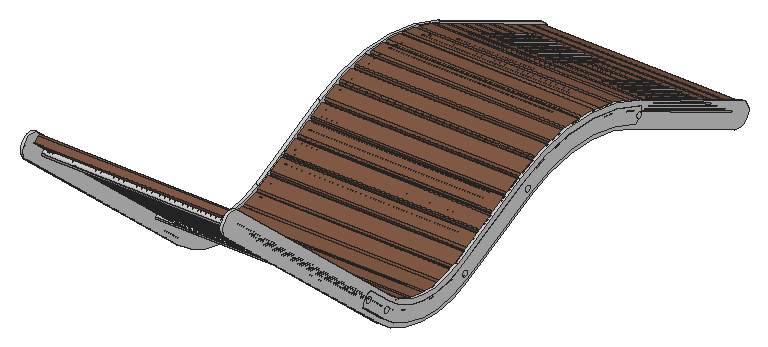
Revit family "FS_Лежак парковый_7_R16", category Антураж, Revit 2016 (continued)
Nested families
  nested 20: "Брус_2 фаски" at (0, -268.641, 77.291) x (0, 0.9501, 0.3119) z (1, 0, 0), Длина <- "ADSK_Размер_Ширина", type "60x25-5"
    with Длина 670 mm, Ширина 60 mm, Толщина 25 mm, Крепление_Глубина посадки 15 mm, Кремление_Видимость no
  nested 21: "Брус_2 фаски" at (0, -211.443, 103.109) x (0, 0.8829, 0.4695) z (1, 0, 0), Длина <- "ADSK_Размер_Ширина", type "60x25-5"
    with Длина 670 mm, Ширина 60 mm, Толщина 25 mm, Крепление_Глубина посадки 15 mm, Кремление_Видимость no
  nested 22: "Брус_2 фаски" at (0, -154.051, 133.624) x (0, 0.8829, 0.4695) z (1, 0, 0), Длина <- "ADSK_Размер_Ширина", type "60x25-5"
    with Длина 670 mm, Ширина 60 mm, Толщина 25 mm, Крепление_Глубина посадки 15 mm, Кремление_Видимость no
  nested 23: "Брус_2 фаски" at (0, -96.66, 164.14) x (0, 0.8829, 0.4695) z (1, 0, 0), Длина <- "ADSK_Размер_Ширина", type "60x25-5"
    with Длина 670 mm, Ширина 60 mm, Толщина 25 mm, Крепление_Глубина посадки 15 mm, Кремление_Видимость no
  nested 24: "Брус_2 фаски" at (0, -39.268, 194.656) x (0, 0.8829, 0.4695) z (1, 0, 0), Длина <- "ADSK_Размер_Ширина", type "60x25-5"
    with Длина 670 mm, Ширина 60 mm, Толщина 25 mm, Крепление_Глубина посадки 15 mm, Кремление_Видимость no
  nested 25: "Брус_2 фаски" at (0, 18.123, 225.171) x (0, 0.8829, 0.4695) z (1, 0, 0), Длина <- "ADSK_Размер_Ширина", type "60x25-5"
    with Длина 670 mm, Ширина 60 mm, Толщина 25 mm, Крепление_Глубина посадки 15 mm, Кремление_Видимость no
  nested 26: "Брус_2 фаски" at (0, 76.905, 254.866) x (0, 0.9136, 0.4066) z (1, 0, 0), Длина <- "ADSK_Размер_Ширина", type "60x25-5"
    with Длина 670 mm, Ширина 60 mm, Толщина 25 mm, Крепление_Глубина посадки 15 mm, Кремление_Видимость no
  nested 27: "Брус_2 фаски" at (0, 139.087, 278.256) x (0, 0.9551, 0.2963) z (1, 0, 0), Длина <- "ADSK_Размер_Ширина", type "60x25-5"
    with Длина 670 mm, Ширина 60 mm, Толщина 25 mm, Крепление_Глубина посадки 15 mm, Кремление_Видимость no
  nested 28: "Брус_2 фаски" at (0, 203.591, 294.165) x (0, 0.9833, 0.1818) z (1, 0, 0), Длина <- "ADSK_Размер_Ширина", type "60x25-5"
    with Длина 670 mm, Ширина 60 mm, Толщина 25 mm, Крепление_Глубина посадки 15 mm, Кремление_Видимость no
  nested 29: "Брус_2 фаски" at (0, 269.518, 302.372) x (0, 0.9979, 0.0648) z (1, 0, 0), Длина <- "ADSK_Размер_Ширина", type "60x25-5"
    with Длина 670 mm, Ширина 60 mm, Толщина 25 mm, Крепление_Глубина посадки 15 mm, Кремление_Видимость no
  nested 30: "Брус_2 фаски" at (0, 335.953, 302.763) x (0, 0.9986, -0.0531) z (1, 0, 0), Длина <- "ADSK_Размер_Ширина", type "60x25-5"
    with Длина 670 mm, Ширина 60 mm, Толщина 25 mm, Крепление_Глубина посадки 15 mm, Кремление_Видимость no
  nested 31: "Брус_2 фаски" at (0, 401.972, 295.332) x (0, 0.9854, -0.1702) z (1, 0, 0), Длина <- "ADSK_Размер_Ширина", type "60x25-5"
    with Длина 670 mm, Ширина 60 mm, Толщина 25 mm, Крепление_Глубина посадки 15 mm, Кремление_Видимость no
  nested 32: "Брус_2 фаски" at (0, 466.658, 280.182) x (0, 0.9585, -0.285) z (1, 0, 0), Длина <- "ADSK_Размер_Ширина", type "60x25-5"
    with Длина 670 mm, Ширина 60 mm, Толщина 25 mm, Крепление_Глубина посадки 15 mm, Кремление_Видимость no
  nested 33: "Брус_2 фаски" at (0, 529.111, 257.525) x (0, 0.9183, -0.3959) z (1, 0, 0), Длина <- "ADSK_Размер_Ширина", type "60x25-5"
    with Длина 670 mm, Ширина 60 mm, Толщина 25 mm, Крепление_Глубина посадки 15 mm, Кремление_Видимость no
  nested 34: "Брус_2 фаски" at (0, 588.643, 231.063) x (0, 0.9135, -0.4067) z (1, 0, 0), Длина <- "ADSK_Размер_Ширина", type "60x25-5"
    with Длина 670 mm, Ширина 60 mm, Толщина 25 mm, Крепление_Глубина посадки 15 mm, Кремление_Видимость no
  nested 35: "Брус_2 фаски" at (0, 648.023, 204.625) x (0, 0.9135, -0.4067) z (1, 0, 0), Длина <- "ADSK_Размер_Ширина", type "60x25-5"
    with Длина 670 mm, Ширина 60 mm, Толщина 25 mm, Крепление_Глубина посадки 15 mm, Кремление_Видимость no
  nested 36: "Брус_2 фаски" at (0, 707.404, 178.187) x (0, 0.9135, -0.4067) z (1, 0, 0), Длина <- "ADSK_Размер_Ширина", type "60x25-5"
    with Длина 670 mm, Ширина 60 mm, Толщина 25 mm, Крепление_Глубина посадки 15 mm, Кремление_Видимость no
  nested 37: "Брус_2 фаски" at (0, 766.784, 151.749) x (0, 0.9135, -0.4067) z (1, 0, 0), Длина <- "ADSK_Размер_Ширина", type "60x25-5"
    with Длина 670 mm, Ширина 60 mm, Толщина 25 mm, Крепление_Глубина посадки 15 mm, Кремление_Видимость no
  nested 38: "Брус_2 фаски" at (0, 826.164, 125.311) x (0, 0.9135, -0.4067) z (1, 0, 0), Длина <- "ADSK_Размер_Ширина", type "60x25-5"
    with Длина 670 mm, Ширина 60 mm, Толщина 25 mm, Крепление_Глубина посадки 15 mm, Кремление_Видимость no
  nested 39: "Брус_2 фаски" at (0, 885.545, 98.873) x (0, 0.9135, -0.4067) z (1, 0, 0), Длина <- "ADSK_Размер_Ширина", type "60x25-5"
    with Длина 670 mm, Ширина 60 mm, Толщина 25 mm, Крепление_Глубина посадки 15 mm, Кремление_Видимость no
  nested 40: "Брус_2 фаски" at (0, 944.925, 72.436) x (0, 0.9135, -0.4067) z (1, 0, 0), Длина <- "ADSK_Размер_Ширина", type "60x25-5"
    with Длина 670 mm, Ширина 60 mm, Толщина 25 mm, Крепление_Глубина посадки 15 mm, Кремление_Видимость no
Definition of nested family "FS_Лежак парковый_7_Опора"
  Parameters (values of type "FS_Лежак парковый_6_Опора")
    ADSK_Материал опоры = none
    ADSK_Материал крепления = none
  Reference planes
    plane 1 "По центру (Вперед/Назад)": y = 0
    plane 2: z = 0
    plane 3 "По центру (Влево/Вправо)": x = 0
  Forms (mm)
    Extrusion 1, solid, material <- "ADSK_Материал опоры"
      sketch origin (0, 0, 0) x (0, 1, 0) y (0, 0, 1)
        loop
          line (-522, 140.828) -> (-1166.633, 681.74)
          arc (-1166.633, 681.74) -> (-1223.098, 676.904) -> (-1218.056, 620.457) r 40
          line (-1218.056, 620.457) -> (-573.423, 79.545)
          arc (-573.423, 79.545) -> (-390.415, 1.863) -> (-195.255, 39.798) r 340
          line (-195.255, 39.798) -> (71.306, 181.531)
          arc (71.306, 181.531) -> (288.592, 239.753) -> (509.41, 196.83) r 500
          line (509.41, 196.83) -> (943.731, 3.458)
          arc (943.731, 3.458) -> (996.542, 23.731) -> (976.269, 76.542) r 40
          line (976.269, 76.542) -> (541.949, 269.914)
          arc (541.949, 269.914) -> (285.8, 319.704) -> (33.749, 252.167) r 580
          line (33.749, 252.167) -> (-232.813, 110.434)
          arc (-232.813, 110.434) -> (-382.053, 81.424) -> (-522, 140.828) r 260
      from -10 to 0
    Extrusion 2, solid, material <- "ADSK_Материал опоры"
      sketch origin (0, 0, 0) x (0, 1, 0) y (0, 0, 1)
        loop
          line (-531.642, 129.338) -> (-608.246, 193.617)
          arc (-608.246, 193.617) -> (-631.976, 180.893) -> (-640.386, 155.314) r 36.25
          line (-640.386, 155.314) -> (-563.781, 91.036)
          arc (-563.781, 91.036) -> (-388.847, 16.78) -> (-202.297, 53.042) r 325
          line (-202.297, 53.042) -> (64.264, 194.775)
          arc (64.264, 194.775) -> (288.069, 254.743) -> (515.512, 210.533) r 515
          arc (515.512, 210.533) -> (534.815, 229.304) -> (535.848, 256.21) r 36.25
          arc (535.848, 256.21) -> (286.324, 304.713) -> (40.791, 238.923) r 565
          line (40.791, 238.923) -> (-225.771, 97.189)
          arc (-225.771, 97.189) -> (-383.621, 66.506) -> (-531.642, 129.338) r 275
      from 0 to 4
    Extrusion 3, solid, material <- "ADSK_Материал крепления"
      sketch origin (0, 0, 0) x (0, 1, 0) y (0, 0, 1)
        loop
          circle (-624.316, 174.465) r 8
        loop
          circle (-547.712, 110.187) r 8
        loop
          circle (-214.034, 75.116) r 8
        loop
          circle (52.527, 216.849) r 8
        loop
          circle (525.68, 233.372) r 8
      from 4 to 8
    Extrusion 4, solid, material <- "ADSK_Материал опоры"
      sketch origin (0, 0, 0) x (0, 1, 0) y (0, 0, 1)
        loop
          line (964.474, 50.049) -> (530.154, 243.421)
          arc (530.154, 243.421) -> (286.813, 290.722) -> (47.363, 226.561) r 551
          line (47.363, 226.561) -> (-219.198, 84.828)
          arc (-219.198, 84.828) -> (-385.084, 52.583) -> (-540.641, 118.613) r 289
          line (-540.641, 118.613) -> (-1185.327, 659.569) -> (-1186.613, 658.037) -> (-541.927, 117.081)
          arc (-541.927, 117.081) -> (-385.293, 50.594) -> (-218.259, 83.062) r 291
          line (-218.259, 83.062) -> (48.302, 224.795)
          arc (48.302, 224.795) -> (286.882, 288.723) -> (529.341, 241.594) r 549
          line (529.341, 241.594) -> (963.661, 48.222) -> (964.474, 50.049)
      from -10 to -40
  Dimensions and locks
    aligned and locked: level to plane 2
Definition of nested family "Брус_2 фаски"
  Parameters (values of type "50x30x5")
    Ширина = 50 mm
    Фаска = 5 mm
    Толщина = 30 mm
    Default Elevation = 0 mm
    Крепление_Диаметр = 10 mm
    Крепление_Глубина посадки = 30 mm
    Кремление_Видимость = yes
    Длина [instance] = 1000 mm
    ADSK_Материал крепления = none
    ADSK_Материал доски = none
  Reference planes
    plane 1 "По центру (Вперед/Назад)": y = 0
    plane 2: z = 0
    plane 3 "По центру (Влево/Вправо)": x = 0
    plane 4: y = 15
    plane 5: x = 25
    plane 6: x = -25
    plane 7: x = -20
    plane 8: y = 10
    plane 9: x = 20
    plane 10: y = -15
    plane 11: z = 500
    plane 12: z = -500
    plane 13: z = 470
    plane 14: z = -470
  Forms (mm)
    Extrusion 1, solid, material <- "ADSK_Материал доски"
      sketch origin (0, 0, 0) x (1, 0, 0) y (0, 1, 0)
        loop
          line (-20, 15) -> (-25, 10) -> (-25, -15) -> (25, -15) -> (25, 10) -> (20, 15) -> (-20, 15)
      from -500 to 500
    Extrusion 2, solid, material <- "ADSK_Материал крепления", visible <- "Кремление_Видимость"
      sketch origin (-50, 15, 1200) x (-1, 0, 0) y (0, 0, 1)
        loop
          circle (-50, -730) r 5
        loop
          circle (-50, -1670) r 5
      from 0 to 1
  Dimensions and locks
    equal spacing: plane 6, plane 3 "По центру (Влево/Вправо)", plane 5
    "Ширина": plane 6 to plane 5
    "Фаска": plane 6 to plane 7
    "Фаска": plane 4 to plane 8
    "Фаска": plane 5 to plane 9
    equal spacing: plane 4, plane 1 "По центру (Вперед/Назад)", plane 10
    "Толщина": plane 4 to plane 10
    equal spacing: plane 12, plane 2, plane 11
    "Длина": plane 12 to plane 11
    "Крепление_Глубина посадки": plane 13 to plane 11
    "Крепление_Глубина посадки": plane 14 to plane 12
    locked: plane 3 "По центру (Влево/Вправо)" to Extrusion 2 sketch curve at 0  (x2)
    locked: plane 13 to Extrusion 2 sketch curve at 0
    locked: plane 14 to Extrusion 2 sketch curve at 0
    "Крепление_Диаметр": diameter of Extrusion 2 sketch curve  (x2)
    aligned and locked: level to plane 2
    aligned and locked: Extrusion 1 sketch curve to plane 4
    aligned and locked: Extrusion 1 sketch curve to plane 6
    aligned and locked: Extrusion 1 sketch curve to plane 5
    aligned and locked: plane 11 to Extrusion 1
    aligned and locked: plane 12 to Extrusion 1
    aligned and locked: Extrusion 1 sketch curve to plane 10
  Automatic sketch dimensions
    Extrusion 1 sketch curve to plane 7 = 0 mm
    Extrusion 1 sketch curve to plane 9 = 0 mm
    Extrusion 1 sketch curve to plane 8 = 0 mm
    plane 8 to Extrusion 1 sketch curve = 0 mm
